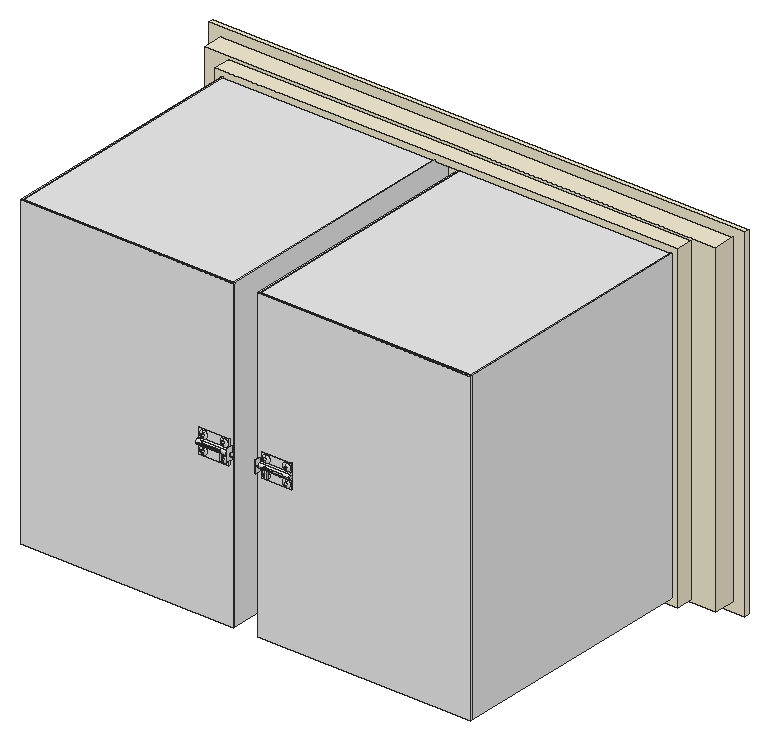
Revit family "4C-5_Door_High_Units_RL.rfa", category Specialty Equipment, host Wall, Revit 2016
Family settings
  Host = Wall
  Part Type = Normal
  Round Connector Dimension = Use Diameter
  Always vertical = Yes
  Cut with Voids When Loaded = No
  Shared = No
  Room Calculation Point = No
Parameters (values of type "3705D-08 RL")
  Width = 31.09766"
  Visible Door Number [instance] = yes
  Vertical Center Divider = yes
  Version = "2.0 (08/09/16)"
  Type Comments = "4C Standard Horizontal Mailbox - Rear Loading"
  Top Back Plate = no
  Right Inside Wall = yes
  Model = "3705D-08 RL"
  MasterFormat Title = "Postal Specialties"
  MasterFormat Number = "10 55 00"
  Manufacturer = "Salsbury Industries"
  Lock Material = Stainless Steel -Salsbury Finish =  Polished
  Left Inside Wall = yes
  Latch Locks - Right Side = yes
  Latch Locks - Left Side = yes
  Latch Alignment = 14.85742"
  Keynote = ""
  Height = 19.970"
  Front Panel Material [instance] = Aluminum - Salsbury Finish = Sandstone
  Door Slot R5 Number [instance] = "8"
  Door Slot R5 = 3700 Series 4C Door Configurations : MB1 Door w/ Divider
  Door Slot R4 Number [instance] = "7"
  Door Slot R4 = 3700 Series 4C Door Configurations : MB1 Door w/ Divider
  Door Slot R3 Number [instance] = "0"
  Door Slot R3 = 3700 Series 4C OM2 Configuration : OM2-RL
  Door Slot R2 Number [instance] = "0"
  Door Slot R2 = 3700 Series 4C Door Configurations : Empty
  Door Slot R1 Number [instance] = "6"
  Door Slot R1 = 3700 Series 4C Door Configurations : MB1 Door
  Door Slot L5 Number [instance] = "5"
  Door Slot L5 = 3700 Series 4C Door Configurations : MB1 Door w/ Divider
  Door Slot L4 Number [instance] = "4"
  Door Slot L4 = 3700 Series 4C Door Configurations : MB1 Door w/ Divider
  Door Slot L3 Number [instance] = "3"
  Door Slot L3 = 3700 Series 4C Door Configurations : MB1 Door w/ Divider
  Door Slot L2 Number [instance] = "2"
  Door Slot L2 = 3700 Series 4C Door Configurations : MB1 Door w/ Divider
  Door Slot L1 Number [instance] = "1"
  Door Slot L1 = 3700 Series 4C Door Configurations : MB1 Door
  Description = "5 Door High Unit: 8 MB1, OM2"
  Depth = 17.025"
  Center Extrusion Offset [instance] = 0.000"
  Bottom Back Plate = no
  Back Enclosure Material = Aluminum - Salsbury Finish = Anodized
  Assembly Code = "C1030910"
  Above Finished Floor (AFF-Bottom of Unit) [instance] = 26.683"
  Above Finished Floor (AFF-Bottom of Door) [instance] = 28.000"
Reference planes (in)
  plane 1 "Wall Centerline": y = 0
  plane 2 "Center (Left/Right)": x = 0
  plane 3 "Front": y = 3
  plane 4 "15" AFF": z = 28
  plane 5 "28" AFF": z = 28
  plane 6 "36" AFF": z = 36
  plane 7 "48" AFF": z = 48
  plane 8 "Bottom of Unit": z = 26.683
  plane 9 "Top of Unit": z = 46.653
  plane 10 "Left Side of Unit": x = 15.54883
  plane 11 "Right Side of Unit": x = -15.54883
  plane 12 "28" AFF_Bottom of Unit": z = 26.683
  plane 13 "Top Horiz Trim Align": z = 45.82225
  plane 14 "Bottom Horiz Trim Align": z = 27.515
  plane 15 "Left Trim Align": x = 14.716
  plane 16 "Right Trim Align": x = -14.716
  plane 17 "Left Door Align": x = 14.06641
  plane 18 "Right Door Align": x = -14.06641
  plane 19 "Top Horiz Door Align": z = 45.23125
  plane 20 "Bottom Horiz Door Align": z = 28
  plane 21 "Front Face of Unit": y = 3.265
  plane 22 "Top Housing Align": z = 46.149
  plane 23 "Top Collar Align": z = 46.001
  plane 24 "Top Box Align": z = 45.646
  plane 25 "Vertical Housing Align": y = 1.795
  plane 26 "Vertical Collar Align": y = 0.795
  plane 27 "Back of Unit": y = -13.76
  plane 28 "Bottom Housing Align": z = 27.187
  plane 29 "Bottom Collar Align": z = 27.335
  plane 30 "Bottom Box Align": z = 27.75
  plane 31 "Door Alignment": y = 2.66809
  plane 32 "Right Housing Align": x = -14.84183
  plane 33 "Right Collar Align": x = -13.40883
  plane 34 "Right Box Side Align": x = -13.08083
  plane 35 "Left Housing Align": x = 14.84183
  plane 36 "Left Collar Align": x = 13.40883
  plane 37 "Left Side Box Align": x = 13.08083
  plane 38 "Top Back Plate Align": z = 44.867
  plane 39 "Back": y = -3
  plane 40 "RO Left Side": x = 15.17383
  plane 41 "RO Right Side": x = -15.17383
  plane 42 "RO Bottom": z = 27.058
  plane 43 "RO Top": z = 46.278
  plane 44 "Horiz Centerline": z = 42.04237
  plane 45: x = 12.99983
  plane 46: x = 12.92758
  plane 47 "Center Extrusion": x = 0
  plane 48 "Center Extrusion Offset": x = 0
  plane 49 "Row 2 Top Align": z = 42
  plane 50 "Row 5 Top Align": z = 31.5
  plane 51 "Row 4 Top Align": z = 35
  plane 52 "Row 3 Top Align": z = 38.5
  plane 53 "Top of base shelf": z = 28.41625
  plane 54 "base shelf void": z = 28.23439
  plane 55: z = 29.999
  plane 56: z = 28.499
  plane 57 "bottom of base shelf": z = 27.88469
  plane 58 "Right Latch Align": x = -0.69141
  plane 59 "Left Latch Align": x = 0.69141
  plane 60 "Center Latch Align": z = 36.8
Forms (in)
  Extrusion 1, void
    sketch origin (0, 3, 0) x (1, 0, 0) y (0, 0, 1)
      loop
        line (15.17383, 46.278) -> (-15.17383, 46.278) -> (-15.17383, 27.058) -> (15.17383, 27.058) -> (15.17383, 46.278)
    from 0 to 15.27914
  Extrusion 2, solid, material "Aluminum - Salsbury Finish = Sandstone" <- "Front Panel Material"
    sketch origin (0, 3, 0) x (1, 0, 0) y (0, 0, 1)
      loop
        line (15.54883, 46.653) -> (-15.54883, 46.653) -> (-15.54883, 26.683) -> (15.54883, 26.683) -> (15.54883, 46.653)
    from -0.265 to 0
  Extrusion 3, void
    sketch origin (0, 3.265, 0.00774) x (0, 0, -1) y (-1, 0, 0)
      loop
        line (-45.81451, -14.716) -> (-27.50726, -14.716) -> (-27.50726, 14.716) -> (-45.81451, 14.716) -> (-45.81451, -14.716)
    from -0.265 to 0
  Extrusion 4, solid, material "Aluminum - Salsbury Finish = Sandstone" <- "Front Panel Material"
    sketch origin (14.98214, 3.265, -1.67978) x (0, 0, -1) y (-1, 0, 0)
      loop
        line (-47.50203, 29.69814) -> (-47.50203, 29.04855) -> (-29.19478, 29.04855) -> (-29.19478, 29.69814) -> (-47.50203, 29.69814)
    from 0 to -0.265
  Extrusion 5, solid, material "Aluminum - Salsbury Finish = Sandstone" <- "Front Panel Material"
    sketch origin (0, 3.265, 84.08475) x (0, 0, 1) y (1, 0, 0)
      loop
        line (-56.56975, 14.06641) -> (-56.56975, -14.06641) -> (-56.08475, -14.06641) -> (-56.08475, 14.06641) -> (-56.56975, 14.06641)
    from -0.265 to 0
  Extrusion 6, solid, material "Aluminum - Salsbury Finish = Sandstone" <- "Front Panel Material"
    sketch origin (0, 3, 84.08475) x (1, 0, 0) y (0, 0, 1)
      loop
        line (-14.84183, -56.89775) -> (14.84183, -56.89775) -> (14.84183, -37.93575) -> (-14.84183, -37.93575) -> (-14.84183, -56.89775)
    from 0 to 1.205
  Extrusion 7, solid, material "Aluminum - Salsbury Finish = Sandstone" <- "Front Panel Material"
    sketch origin (0, 1.795, 0) x (0, 0, 1) y (-1, 0, 0)
      loop
        line (27.335, 13.40883) -> (27.335, -13.40883) -> (46.001, -13.40883) -> (46.001, 13.40883) -> (27.335, 13.40883)
    from 0 to 1
  Extrusion 8, void
    sketch origin (0, 1.795, 0) x (0, 0, 1) y (-1, 0, 0)
      loop
        line (45.646, 13.08083) -> (27.75, 13.08083) -> (27.75, -13.08083) -> (45.646, -13.08083) -> (45.646, 13.08083)
    from 0 to 1
  Extrusion 9, solid, material "Aluminum - Salsbury Finish = Sandstone" <- "Front Panel Material"
    sketch origin (0, 3.265, 0) x (0, 0, -1) y (-1, 0, 0)
      loop
        line (-45.82225, -14.716) -> (-27.515, -14.716) -> (-27.515, -14.06641) -> (-45.82225, -14.06641) -> (-45.82225, -14.716)
    from 0 to -0.265
  Extrusion 10, solid, material "Aluminum - Salsbury Finish = Sandstone" <- "Front Panel Material"
    sketch origin (0, 3.265, 0) x (0, 0, -1) y (-1, 0, 0)
      loop
        line (-45.82225, -14.06641) -> (-45.23125, -14.06641) -> (-45.23125, 14.06641) -> (-45.82225, 14.06641) -> (-45.82225, -14.06641)
    from -0.265 to 0
  Extrusion 11, void
    sketch origin (0, 1.795, 0) x (0, 0, 1) y (-1, 0, 0)
      loop
        line (46.001, -13.40883) -> (46.001, 13.40883) -> (27.335, 13.40883) -> (27.335, -13.40883) -> (46.001, -13.40883)
    from -1.124 to 0
  Extrusion 12, void
    sketch origin (0, 3, 0) x (1, 0, 0) y (0, 0, 1)
      loop
        line (14.06641, 46.001) -> (-14.06641, 46.001) -> (-14.06641, 27.335) -> (14.06641, 27.335) -> (14.06641, 46.001)
    from 0 to 0.33191
  Extrusion 13, solid, material "Aluminum - Salsbury Finish = Anodized" <- "Back Enclosure Material"
    sketch origin (-0.54283, 1.795, 0) x (0, 0, 1) y (-1, 0, 0)
      loop
        line (45.646, 12.538) -> (27.75, 12.538) -> (27.75, 12.457) -> (45.646, 12.457) -> (45.646, 12.538)
    from 0 to 15.47297
  Extrusion 14, solid, material "Aluminum - Salsbury Finish = Anodized" <- "Back Enclosure Material", visible <- "Right Inside Wall"
    sketch origin (11.7675, 1.795, 0) x (0, 0, 1) y (-1, 0, 0)
      loop
        line (45.646, 12.538) -> (27.75, 12.538) -> (27.75, 12.457) -> (45.646, 12.457) -> (45.646, 12.538)
    from 0 to 15.47297
  Extrusion 15, solid, material "Aluminum - Salsbury Finish = Anodized" <- "Back Enclosure Material"
    sketch origin (0.54283, 1.795, 0) x (0, 0, 1) y (-1, 0, 0)
      loop
        line (45.646, -12.538) -> (45.646, -12.457) -> (27.75, -12.457) -> (27.75, -12.538) -> (45.646, -12.538)
    from 0 to 15.47297
  Extrusion 16, solid, material "Aluminum - Salsbury Finish = Anodized" <- "Back Enclosure Material", visible <- "Left Inside Wall"
    sketch origin (-11.7675, 1.795, 0) x (0, 0, 1) y (-1, 0, 0)
      loop
        line (45.646, -12.538) -> (45.646, -12.457) -> (27.75, -12.457) -> (27.75, -12.538) -> (45.646, -12.538)
    from 0 to 15.47297
  Extrusion 17, solid, material "Aluminum - Salsbury Finish = Anodized" <- "Back Enclosure Material"
    sketch origin (0, -13.76, 0) x (0, 0, 1) y (-1, 0, 0)
      loop
        line (45.646, 13.08083) -> (27.75, 13.08083) -> (27.75, -13.08083) -> (45.646, -13.08083) -> (45.646, 13.08083)
    from -0.08203 to 0
  Extrusion 18, solid, material "Aluminum - Salsbury Finish = Anodized" <- "Back Enclosure Material"
    sketch origin (0, 0, 45.646) x (0, 1, 0) y (-1, 0, 0)
      loop
        line (1.795, 12.99983) -> (-13.67797, 12.99983) -> (-13.67797, -12.99983) -> (1.795, -12.99983) -> (1.795, 12.99983)
    from -0.35871 to 0
  Extrusion 19, void
    sketch origin (0, 0, 45.646) x (0, 1, 0) y (-1, 0, 0)
      loop
        line (1.7325, 12.93342) -> (-13.61547, 12.93342) -> (-13.61547, -12.92758) -> (1.7325, -12.92758) -> (1.7325, 12.93342)
    from -0.0723 to -0.6459
  Extrusion 20, solid, material "Aluminum - Salsbury Finish = Anodized" <- "Back Enclosure Material"
    sketch origin (0, 0, 27.88469) x (-1, 0, 0) y (0, -1, 0)
      loop
        line (12.99983, -1.795) -> (12.99983, 13.67797) -> (-12.99983, 13.67797) -> (-12.99983, -1.795) -> (12.99983, -1.795)
    from 0.53156 to 0
  Extrusion 21, void
    sketch origin (0, 0, 27.88469) x (-1, 0, 0) y (0, -1, 0)
      loop
        line (12.93342, -1.7325) -> (12.93342, 13.61547) -> (-12.92758, 13.61547) -> (-12.92758, -1.7325) -> (12.93342, -1.7325)
    from 0.3497 to 0
  Extrusion 22, solid, material "Aluminum - Salsbury Finish = Anodized" <- "Back Enclosure Material", visible <- "Top Back Plate"
    sketch origin (0, -13.76, 0) x (0, 0, 1) y (-1, 0, 0)
      loop
        line (44.867, 2) -> (43.367, 2) -> (43.367, -2) -> (44.867, -2) -> (44.867, 2)
    from 0 to 0.08203
  Extrusion 23, solid, material "Aluminum - Salsbury Finish = Anodized" <- "Back Enclosure Material", visible <- "Bottom Back Plate"
    sketch origin (0, -13.76, 84.11475) x (0, 0, -1) y (1, 0, 0)
      loop
        line (55.61575, -2) -> (55.61575, 2) -> (54.11575, 2) -> (54.11575, -2) -> (55.61575, -2)
    from 0 to 0.08203
  Extrusion 24, void
    sketch origin (0, 0, 0) x (0, 0, 1) y (0, 1, 0)
      loop
        line (45.646, 1.795) -> (45.82225, 1.795) -> (45.82225, 3.265) -> (27.515, 3.265) -> (27.515, 1.795) -> (27.75, 1.795) -> (27.75, -13.76) -> (45.646, -13.76) -> (45.646, 1.795)
    from -0.69141 to 0.69141
  Extrusion 25, solid, material "Aluminum - Salsbury Finish = Sandstone" <- "Front Panel Material", visible <- "Vertical Center Divider"
    sketch origin (-0.77934, 3.265, 0) x (0, 0, -1) y (-1, 0, 0)
      loop
        line (-45.82225, -1.47075) -> (-27.515, -1.47075) -> (-27.515, -0.08794) -> (-45.82225, -0.08794) -> (-45.82225, -1.47075)
    from 0 to -1.47
Cuts and joins
  Extrusion 3, Extrusion 11, Extrusion 24 cuts Extrusion 2
  Extrusion 8, Extrusion 11, Extrusion 12, Extrusion 24 cuts Extrusion 5
  Extrusion 8, Extrusion 12, Extrusion 19, Extrusion 24 cuts Extrusion 7
  Extrusion 11, Extrusion 12, Extrusion 24 cuts Extrusion 10
  Extrusion 11, Extrusion 12 cuts Extrusion 6
  Extrusion 12 cuts Extrusion 4
  Extrusion 12 cuts Extrusion 9
  Extrusion 19, Extrusion 21, Extrusion 24 cuts Extrusion 18
  Extrusion 21, Extrusion 24 cuts Extrusion 20
  Extrusion 24 cuts Extrusion 17
  Extrusion 24 cuts Extrusion 22
  Extrusion 24 cuts Extrusion 23
Lines and regions (in)
  model lines
    curve 1: line (15.54883, 3.265, 46.653) -> (14.716, 3.265, 45.82017)
    curve 2: line (-15.54883, 3.265, 46.653) -> (-14.716, 3.265, 45.82017)
    curve 3: line (-15.54883, 3.265, 26.683) -> (-14.716, 3.265, 27.51583)
    curve 4: line (15.54883, 3.265, 26.683) -> (14.716, 3.265, 27.51583)
  reference lines
    curve 5: line (-14.06641, 2.66809, 25.683) -> (-14.06641, 2.66809, 50.93425)
    curve 6: line (14.06641, 2.66809, 26.183) -> (14.06641, 2.66809, 50.93425)
Text (in)
  text "Placement Side" at (0, 40.15149, 123.01588), in view "Right"
  text "Placement Side" at (-58.6842, 42.74981, 0), in view "Ref. Level"
  text "Placement Side" at (0, 47.49176, 140.59947), in view "Left"
Dimensions and locks (in)
  locked: plane 3 "Front" to host wall
  "Above Finished Floor (AFF-Bottom of Door)": level to plane 4 "15" AFF"
  locked: level to plane 5 "28" AFF" at 28
  locked: level to plane 6 "36" AFF" at 36
  locked: level to plane 7 "48" AFF" at 48
  equal spacing: plane 11 "Right Side of Unit", plane 2 "Center (Left/Right)", plane 10 "Left Side of Unit"
  plane 8 "Bottom of Unit" to plane 4 "15" AFF" = 1.317"
  "Width": plane 11 "Right Side of Unit" to plane 10 "Left Side of Unit"
  "Height": plane 8 "Bottom of Unit" to plane 9 "Top of Unit"
  plane 12 "28" AFF_Bottom of Unit" to plane 5 "28" AFF" = 1.317"
  locked: plane 15 "Left Trim Align" to plane 10 "Left Side of Unit" at 0.83283
  locked: plane 16 "Right Trim Align" to plane 11 "Right Side of Unit" at 0.83283
  locked: plane 13 "Top Horiz Trim Align" to plane 9 "Top of Unit" at 0.83075
  locked: plane 8 "Bottom of Unit" to plane 14 "Bottom Horiz Trim Align" at 0.832
  plane 17 "Left Door Align" to plane 15 "Left Trim Align" = 0.64959"
  plane 18 "Right Door Align" to plane 16 "Right Trim Align" = 0.64959"
  locked: plane 19 "Top Horiz Door Align" to plane 13 "Top Horiz Trim Align" at 0.591
  locked: plane 14 "Bottom Horiz Trim Align" to plane 20 "Bottom Horiz Door Align" at 0.485
  plane 20 "Bottom Horiz Door Align" to level = 28.000"
  plane 5 "28" AFF" to level = 28.000"
  plane 6 "36" AFF" to level = 36.000"
  plane 7 "48" AFF" to level = 48.000"
  plane 9 "Top of Unit" to plane 8 "Bottom of Unit" = 19.970"
  plane 21 "Front Face of Unit" to host wall = 0.265"
  locked: host wall to plane 25 "Vertical Housing Align" at 1.205
  locked: plane 25 "Vertical Housing Align" to plane 26 "Vertical Collar Align" at 1
  plane 25 "Vertical Housing Align" to plane 27 "Back of Unit" = 15.555"
  "Depth": plane 21 "Front Face of Unit" to plane 27 "Back of Unit"
  locked: plane 9 "Top of Unit" to plane 22 "Top Housing Align" at 0.504
  locked: plane 22 "Top Housing Align" to plane 23 "Top Collar Align" at 0.148
  locked: plane 23 "Top Collar Align" to plane 24 "Top Box Align" at 0.355
  locked: plane 28 "Bottom Housing Align" to plane 8 "Bottom of Unit" at 0.504
  locked: plane 29 "Bottom Collar Align" to plane 28 "Bottom Housing Align" at 0.148
  locked: plane 30 "Bottom Box Align" to plane 29 "Bottom Collar Align" at 0.415
  plane 24 "Top Box Align" to plane 30 "Bottom Box Align" = 17.896"  (x2)
  locked: plane 21 "Front Face of Unit" to plane 31 "Door Alignment" at 0.59691
  plane 11 "Right Side of Unit" to plane 32 "Right Housing Align" to plane 33 "Right Collar Align" to plane 34 "Right Box Side Align" = 0.707" locked, 1.433" locked, 0.328" locked
  plane 37 "Left Side Box Align" to plane 36 "Left Collar Align" to plane 35 "Left Housing Align" to plane 10 "Left Side of Unit" = 0.328" locked, 1.433" locked, 0.707" locked
  plane 11 "Right Side of Unit" to plane 32 "Right Housing Align" to plane 33 "Right Collar Align" to plane 34 "Right Box Side Align" = 0.707", 1.433", 0.328"
  plane 37 "Left Side Box Align" to plane 36 "Left Collar Align" to plane 35 "Left Housing Align" to plane 10 "Left Side of Unit" = 0.328", 1.433", 0.707"
  plane 9 "Top of Unit" to plane 24 "Top Box Align" = 1.007"
  plane 30 "Bottom Box Align" to plane 8 "Bottom of Unit" = 1.067"
  locked: plane 24 "Top Box Align" to plane 38 "Top Back Plate Align" at 0.779
  locked: plane 40 "RO Left Side" to plane 10 "Left Side of Unit" at 0.375
  locked: plane 41 "RO Right Side" to plane 11 "Right Side of Unit" at 0.375
  locked: plane 8 "Bottom of Unit" to plane 42 "RO Bottom" at 0.375
  locked: plane 43 "RO Top" to plane 9 "Top of Unit" at 0.375
  Extrusion 13 to Extrusion 13 = 0.081"
  Extrusion 15 to Extrusion 15 = 0.081"
  plane 45 to plane 37 "Left Side Box Align" = 0.081"
  plane 46 to plane 45 = 0.07225"
  plane 18 "Right Door Align" to plane 17 "Left Door Align" = 28.13281"
  "Center Extrusion Offset": plane 47 "Center Extrusion" to plane 48 "Center Extrusion Offset"
  plane 20 "Bottom Horiz Door Align" to plane 50 "Row 5 Top Align" to plane 51 "Row 4 Top Align" to plane 52 "Row 3 Top Align" to plane 49 "Row 2 Top Align" = 3.500" locked, 3.500" locked, 3.500" locked, 3.500" locked
  plane 53 "Top of base shelf" to plane 54 "base shelf void" to plane 57 "bottom of base shelf" to plane 30 "Bottom Box Align" = 0.18186" locked, 0.3497" locked, 0.13469" locked
  plane 55 to plane 56 to plane 8 "Bottom of Unit" = 1.500" locked, 1.816" locked
  "Above Finished Floor (AFF-Bottom of Unit)": level to plane 8 "Bottom of Unit"
  locked: plane 58 "Right Latch Align" to plane 59 "Left Latch Align" at 1.38281
  plane 60 "Center Latch Align" to plane 30 "Bottom Box Align" = 9.050"
  "Latch Alignment": plane 11 "Right Side of Unit" to plane 58 "Right Latch Align"
  aligned and locked: plane 8 "Bottom of Unit" to Extrusion 2 sketch curve
  aligned and locked: plane 10 "Left Side of Unit" to Extrusion 2 sketch curve
  aligned and locked: Extrusion 2 sketch curve to plane 11 "Right Side of Unit"
  aligned and locked: Extrusion 2 sketch curve to plane 9 "Top of Unit"
  aligned and locked: plane 21 "Front Face of Unit" to Extrusion 2
  aligned and locked: Extrusion 4 to plane 16 "Right Trim Align"
  aligned and locked: plane 18 "Right Door Align" to Extrusion 4
  aligned and locked: plane 13 "Top Horiz Trim Align" to Extrusion 4
  aligned and locked: Extrusion 5 to plane 14 "Bottom Horiz Trim Align"
  aligned and locked: Extrusion 5 to plane 17 "Left Door Align"
  aligned and locked: plane 20 "Bottom Horiz Door Align" to Extrusion 5
  aligned and locked: Extrusion 5 to plane 18 "Right Door Align"
  aligned and locked: plane 34 "Right Box Side Align" to Extrusion 17 sketch curve
  aligned and locked: Extrusion 17 sketch curve to plane 24 "Top Box Align"
  aligned and locked: Extrusion 17 sketch curve to plane 37 "Left Side Box Align"
  aligned and locked: plane 30 "Bottom Box Align" to Extrusion 17 sketch curve
  aligned and locked: plane 25 "Vertical Housing Align" to Extrusion 18 sketch curve
  aligned and locked: Extrusion 18 sketch curve to plane 45
  aligned and locked: plane 46 to Extrusion 19
  aligned and locked: plane 45 to cut or joined group of Extrusion 18, Extrusion 19, Extrusion 21, Extrusion 24
  aligned and locked: plane 25 "Vertical Housing Align" to Extrusion 20 sketch curve
  aligned and locked: Extrusion 20 sketch curve to plane 45
  aligned and locked: plane 46 to cut or joined group of Extrusion 20, Extrusion 21, Extrusion 24
  aligned and locked: plane 17 "Left Door Align" to cut or joined group of Extrusion 9, Extrusion 12
  aligned and locked: plane 25 "Vertical Housing Align" to Extrusion 25
  aligned and locked: plane 21 "Front Face of Unit" to Extrusion 25
  aligned and locked: nested 6 to plane 17 "Left Door Align"
  aligned and locked: plane 31 "Door Alignment" to nested 6  (x2)
  aligned and locked: nested 7 to plane 17 "Left Door Align"
  aligned and locked: plane 31 "Door Alignment" to nested 7  (x2)
  aligned and locked: nested 5 to curve 5
  aligned and locked: nested 3 to curve 5
  aligned and locked: nested 10 to curve 6
  aligned and locked: nested 9 to curve 6
  aligned and locked: nested 8 to curve 6
  aligned and locked: nested 7 to curve 6
  aligned and locked: nested 6 to curve 6
  aligned and locked: plane 31 "Door Alignment" to nested 5
  aligned and locked: plane 31 "Door Alignment" to nested 3
  aligned and locked: plane 31 "Door Alignment" to nested 8
  aligned and locked: plane 31 "Door Alignment" to nested 10
  aligned and locked: plane 31 "Door Alignment" to nested 2
  aligned and locked: plane 31 "Door Alignment" to nested 4
  aligned and locked: nested 1 to curve 5
  aligned and locked: nested 2 to curve 5
  aligned and locked: nested 4 to curve 5
  aligned and locked: plane 31 "Door Alignment" to nested 1
  aligned and locked: cut or joined group of Extrusion 23, Extrusion 24 to plane 56
  aligned and locked: plane 53 "Top of base shelf" to cut or joined group of Extrusion 20, Extrusion 21, Extrusion 24
  aligned and locked: cut or joined group of Extrusion 20, Extrusion 21, Extrusion 24 to plane 57 "bottom of base shelf"
  aligned and locked: plane 20 "Bottom Horiz Door Align" to nested 5
  aligned and locked: plane 20 "Bottom Horiz Door Align" to nested 10
  aligned and locked: plane 50 "Row 5 Top Align" to nested 4
  aligned and locked: plane 50 "Row 5 Top Align" to nested 9
  aligned and locked: plane 51 "Row 4 Top Align" to nested 3
  aligned and locked: plane 51 "Row 4 Top Align" to nested 8
  aligned and locked: plane 52 "Row 3 Top Align" to nested 2
  aligned and locked: plane 52 "Row 3 Top Align" to nested 7
  aligned and locked: plane 49 "Row 2 Top Align" to nested 1
  aligned and locked: plane 49 "Row 2 Top Align" to nested 6
  aligned and locked: plane 31 "Door Alignment" to nested 9
  aligned and locked: nested 12 to plane 27 "Back of Unit"
  aligned and locked: nested 11 to plane 27 "Back of Unit"
  aligned and locked: plane 60 "Center Latch Align" to nested 12
  aligned and locked: plane 60 "Center Latch Align" to nested 11
  aligned and locked: plane 59 "Left Latch Align" to nested 12
  aligned and locked: plane 58 "Right Latch Align" to nested 11
Automatic sketch dimensions
  Extrusion 1 sketch curve to plane 41 "RO Right Side" = 0.000"
  plane 40 "RO Left Side" to Extrusion 1 sketch curve = 0.000"
  Extrusion 1 sketch curve to plane 42 "RO Bottom" = 0.000"
  Extrusion 1 sketch curve to plane 43 "RO Top" = 0.000"
  Extrusion 6 sketch curve to plane 22 "Top Housing Align" = 0.000"
  Extrusion 6 sketch curve to plane 32 "Right Housing Align" = 0.000"
  Extrusion 6 sketch curve to plane 35 "Left Housing Align" = 0.000"
  Extrusion 6 sketch curve to plane 28 "Bottom Housing Align" = 0.000"
  Extrusion 7 sketch curve to plane 29 "Bottom Collar Align" = 0.000"
  Extrusion 7 sketch curve to plane 23 "Top Collar Align" = 0.000"
  plane 36 "Left Collar Align" to Extrusion 7 sketch curve = 0.000"
  Extrusion 7 sketch curve to plane 33 "Right Collar Align" = 0.000"
  Extrusion 8 sketch curve to plane 30 "Bottom Box Align" = 0.000"
  Extrusion 8 sketch curve to plane 24 "Top Box Align" = 0.000"
  Extrusion 8 sketch curve to plane 37 "Left Side Box Align" = 0.000"
  plane 34 "Right Box Side Align" to Extrusion 8 sketch curve = 0.000"
  Extrusion 11 sketch curve to plane 29 "Bottom Collar Align" = 0.000"
  Extrusion 11 sketch curve to plane 23 "Top Collar Align" = 0.000"
  plane 36 "Left Collar Align" to Extrusion 11 sketch curve = 0.000"
  plane 33 "Right Collar Align" to Extrusion 11 sketch curve = 0.000"
  Extrusion 13 sketch curve to plane 30 "Bottom Box Align" = 0.000"
  Extrusion 13 sketch curve to plane 24 "Top Box Align" = 0.000"
  plane 34 "Right Box Side Align" to Extrusion 13 sketch curve = 0.000"
  Extrusion 13 sketch curve to Extrusion 13 sketch curve = 0.081"
  Extrusion 15 sketch curve to plane 30 "Bottom Box Align" = 0.000"
  Extrusion 15 sketch curve to plane 24 "Top Box Align" = 0.000"
  plane 37 "Left Side Box Align" to Extrusion 15 sketch curve = 0.000"
  plane 37 "Left Side Box Align" to Extrusion 15 sketch curve = 0.081"
  Extrusion 18 sketch curve to plane 27 "Back of Unit" = 0.08203"
  plane 34 "Right Box Side Align" to Extrusion 18 sketch curve = 0.081"
  curve 2 to plane 9 "Top of Unit" = 0.000"
  curve 1 to plane 9 "Top of Unit" = 0.000"
  curve 2 to plane 16 "Right Trim Align" = 0.000"
  plane 15 "Left Trim Align" to curve 1 = 0.000"
  curve 3 to plane 16 "Right Trim Align" = 0.000"
  plane 15 "Left Trim Align" to curve 4 = 0.000"
  curve 4 to plane 8 "Bottom of Unit" = 0.000"
  curve 3 to plane 8 "Bottom of Unit" = 0.000"
  plane 10 "Left Side of Unit" to curve 4 = 0.000"
  plane 10 "Left Side of Unit" to curve 1 = 0.000"
  plane 11 "Right Side of Unit" to curve 3 = 0.000"
  plane 11 "Right Side of Unit" to curve 2 = 0.000"
  curve 2 to plane 13 "Top Horiz Trim Align" = 0.00208"
  curve 1 to plane 13 "Top Horiz Trim Align" = 0.00208"
  plane 14 "Bottom Horiz Trim Align" to curve 3 = 0.00083"
  plane 14 "Bottom Horiz Trim Align" to curve 4 = 0.00083"
  Extrusion 3 sketch curve to plane 13 "Top Horiz Trim Align" = 0.000"
  Extrusion 3 sketch curve to plane 14 "Bottom Horiz Trim Align" = 0.000"
  plane 15 "Left Trim Align" to Extrusion 3 sketch curve = 0.000"
  Extrusion 3 sketch curve to plane 16 "Right Trim Align" = 0.000"
  plane 13 "Top Horiz Trim Align" to Extrusion 4 sketch curve = 0.000"
  plane 14 "Bottom Horiz Trim Align" to Extrusion 4 sketch curve = 0.000"
  Extrusion 4 sketch curve to plane 16 "Right Trim Align" = 0.000"
  Extrusion 4 sketch curve to plane 18 "Right Door Align" = 0.000"
  Extrusion 5 sketch curve to plane 14 "Bottom Horiz Trim Align" = 0.000"
  Extrusion 5 sketch curve to plane 4 "15" AFF" = 0.000"
  plane 17 "Left Door Align" to Extrusion 5 sketch curve = 0.000"
  Extrusion 5 sketch curve to plane 18 "Right Door Align" = 0.000"
  Extrusion 9 sketch curve to plane 13 "Top Horiz Trim Align" = 0.000"
  Extrusion 9 sketch curve to plane 14 "Bottom Horiz Trim Align" = 0.000"
  plane 15 "Left Trim Align" to Extrusion 9 sketch curve = 0.000"
  plane 17 "Left Door Align" to Extrusion 9 sketch curve = 0.000"
  Extrusion 10 sketch curve to plane 13 "Top Horiz Trim Align" = 0.000"
  plane 17 "Left Door Align" to Extrusion 10 sketch curve = 0.000"
  Extrusion 10 sketch curve to plane 18 "Right Door Align" = 0.000"
  Extrusion 10 sketch curve to plane 19 "Top Horiz Door Align" = 0.000"
  Extrusion 12 sketch curve to plane 18 "Right Door Align" = 0.000"
  plane 17 "Left Door Align" to Extrusion 12 sketch curve = 0.000"
  Extrusion 12 sketch curve to plane 29 "Bottom Collar Align" = 0.000"
  Extrusion 12 sketch curve to plane 23 "Top Collar Align" = 0.000"
  Extrusion 14 sketch curve to plane 30 "Bottom Box Align" = 0.000"
  Extrusion 14 sketch curve to plane 24 "Top Box Align" = 0.000"
  Extrusion 14 sketch curve to plane 2 "Center (Left/Right)" = 0.6895"
  Extrusion 14 sketch curve to Extrusion 14 sketch curve = 0.081"
  Extrusion 16 sketch curve to plane 30 "Bottom Box Align" = 0.000"
  Extrusion 16 sketch curve to plane 24 "Top Box Align" = 0.000"
  Extrusion 16 sketch curve to plane 2 "Center (Left/Right)" = 0.6895"
  Extrusion 16 sketch curve to Extrusion 16 sketch curve = 0.081"
  Extrusion 19 sketch curve to plane 46 = 0.000"
  Extrusion 19 sketch curve to plane 27 "Back of Unit" = 0.14453"
  plane 25 "Vertical Housing Align" to Extrusion 19 sketch curve = 0.0625"
  plane 34 "Right Box Side Align" to Extrusion 19 sketch curve = 0.14741"
  Extrusion 22 sketch curve to plane 38 "Top Back Plate Align" = 0.000"
  plane 38 "Top Back Plate Align" to Extrusion 22 sketch curve = 1.500"
  plane 2 "Center (Left/Right)" to Extrusion 22 sketch curve = 2.000"
  Extrusion 22 sketch curve to plane 2 "Center (Left/Right)" = 2.000"
  Extrusion 23 sketch curve to plane 2 "Center (Left/Right)" = 2.000"
  plane 2 "Center (Left/Right)" to Extrusion 23 sketch curve = 2.000"
  Extrusion 24 sketch curve to plane 14 "Bottom Horiz Trim Align" = 0.000"
  Extrusion 24 sketch curve to plane 25 "Vertical Housing Align" = 0.000"  (x2)
  Extrusion 24 sketch curve to plane 30 "Bottom Box Align" = 0.000"
  Extrusion 24 sketch curve to plane 24 "Top Box Align" = 0.000"
  Extrusion 24 sketch curve to plane 13 "Top Horiz Trim Align" = 0.000"
  Extrusion 24 sketch curve to plane 27 "Back of Unit" = 0.000"
  Extrusion 24 sketch curve to plane 21 "Front Face of Unit" = 0.000"
  Extrusion 25 sketch curve to plane 13 "Top Horiz Trim Align" = 0.000"
  Extrusion 25 sketch curve to plane 14 "Bottom Horiz Trim Align" = 0.000"
  plane 2 "Center (Left/Right)" to Extrusion 25 sketch curve = 0.69141"
  Extrusion 25 sketch curve to plane 2 "Center (Left/Right)" = 0.69141"
  curve 5 to plane 18 "Right Door Align" = 0.000"
  plane 17 "Left Door Align" to curve 6 = 0.000"
  curve 5 to plane 8 "Bottom of Unit" = 1.000"
  curve 6 to plane 8 "Bottom of Unit" = 0.500"
  plane 9 "Top of Unit" to curve 6 = 4.28125"
  plane 9 "Top of Unit" to curve 5 = 4.28125"
  Extrusion 23 sketch curve to plane 4 "15" AFF" = 0.499"
  Extrusion 23 sketch curve to Extrusion 23 sketch curve = 1.500"
  plane 34 "Right Box Side Align" to Extrusion 20 sketch curve = 0.081"
  Extrusion 20 sketch curve to plane 27 "Back of Unit" = 0.08203"
  Extrusion 21 sketch curve to plane 46 = 0.000"
  plane 34 "Right Box Side Align" to Extrusion 21 sketch curve = 0.14741"
  plane 25 "Vertical Housing Align" to Extrusion 21 sketch curve = 0.0625"
  Extrusion 21 sketch curve to plane 27 "Back of Unit" = 0.14453"
Nested families (in)
  nested 1: "3700 Series 4C Door Configurations" at (-7.37891, 2.79505, 42) x (-1, 0, 0) z (0, 0, 1), type <- "Door Slot R1", Door Number <- "Door Slot R1 Number", type "MB1 Door"
    with Door Number "6"
  nested 2: "3700 Series 4C Door Configurations" at (-7.37891, 2.79505, 38.5) x (-1, 0, 0) z (0, 0, 1), type <- "Door Slot R2", Door Number <- "Door Slot R2 Number", type "Empty"
    with Door Number "0"
  nested 3: "3700 Series 4C OM2 Configuration" at (-7.37891, 2.79505, 35) x (-1, 0, 0) z (0, 0, 1), type <- "Door Slot R3", Door Number <- "Door Slot R3 Number", type "OM2-RL"
    with Door Number "0"
  nested 4: "3700 Series 4C Door Configurations" at (-7.37891, 2.79505, 31.5) x (-1, 0, 0) z (0, 0, 1), type <- "Door Slot R4", Door Number <- "Door Slot R4 Number", type "MB1 Door w/ Divider"
    with Door Number "7"
  nested 5: "3700 Series 4C Door Configurations" at (-7.37891, 2.79505, 28) x (-1, 0, 0) z (0, 0, 1), type <- "Door Slot R5", Door Number <- "Door Slot R5 Number", type "MB1 Door w/ Divider"
    with Door Number "8"
  nested 6: "3700 Series 4C Door Configurations" at (7.37891, 2.79505, 42) x (-1, 0, 0) z (0, 0, 1), type <- "Door Slot L1", Door Number <- "Door Slot L1 Number", type "MB1 Door"
    with Door Number "1"
  nested 7: "3700 Series 4C Door Configurations" at (7.37891, 2.79505, 38.5) x (-1, 0, 0) z (0, 0, 1), type <- "Door Slot L2", Door Number <- "Door Slot L2 Number", type "MB1 Door w/ Divider"
    with Door Number "2"
  nested 8: "3700 Series 4C Door Configurations" at (7.37891, 2.79505, 35) x (-1, 0, 0) z (0, 0, 1), type <- "Door Slot L3", Door Number <- "Door Slot L3 Number", type "MB1 Door w/ Divider"
    with Door Number "3"
  nested 9: "3700 Series 4C Door Configurations" at (7.37891, 2.79505, 31.5) x (-1, 0, 0) z (0, 0, 1), type <- "Door Slot L4", Door Number <- "Door Slot L4 Number", type "MB1 Door w/ Divider"
    with Door Number "4"
  nested 10: "3700 Series 4C Door Configurations" at (7.37891, 2.79505, 28) x (-1, 0, 0) z (0, 0, 1), type <- "Door Slot L5", Door Number <- "Door Slot L5 Number", type "MB1 Door w/ Divider"
    with Door Number "5"
  nested 11: "4C Latch Lock-Right" at (-1.81641, -13.882, 36.1125) x (-1, 0, 0) z (0, 0, 1), type "Lock Latch"
  nested 12: "4C Latch Lock-Left" at (1.81641, -13.882, 36.1125) x (-1, 0, 0) z (0, 0, 1), type "Lock Latch"
Definition of nested family "3700 Series 4C Door Configurations"
  Parameters (values of type "MB1 Door w/ Divider")
    Weight = "5 lbs."
    Visible Door Number = yes
    URL = ""
    Model = "3700MB1"
    Manufacturer = "Salsbury Industries"
    Lock Material = none
    Inset Offset = 0.000"
    Front Panel Material = none
    Door Width = 13.375"
    Door Visibility-MB1 = yes
    Door Number [instance] = "101"
    Door Lock = yes
    Door Height = 3.23047"
    Door Divider = yes
    Door Depth = 0.25391"
    Description = "MB1 Door for 3700 Series 4C Mailboxes"
    Cost = 0
    Center Lock-Vertical = 0.875"
    Center Lock-Horizontal = 1.61523"
  Types (11): name | Weight | Visible Door Number | Model | Inset Offset | Door Visibility-MB1 | Door Lock | Door Height | Door Divider | Description
    MB1 Door w/ Divider | "5 lbs." | yes | "3700MB1" | 0.000" | yes | yes | 3.23047" | yes | "MB1 Door for 3700 Series 4C Mailboxes"
    MB1 Door | "5 lbs." | yes | "3700MB1" | 0.000" | yes | yes | 3.23047" | no | "MB1 Door for 3700 Series 4C Mailboxes"
    MB2 Door | "10 lbs." | yes | "3700MB2" | 0.000" | yes | yes | 6.73047" | no | "MB2 Door for 3700 Series 4C Mailboxes"
    MB2 Door w/ Divider | "10 lbs." | yes | "3700MB2" | 0.000" | yes | yes | 6.73047" | yes | "MB2 Door for 3700 Series 4C Mailboxes"
    MB3 Door | "15 lbs." | yes | "3700MB3" | 0.000" | yes | yes | 10.23047" | no | "MB3 Door for 3700 Series 4C Mailboxes"
    MB3 Door w/ Divider | "15 lbs." | yes | "3700MB3" | 0.000" | yes | yes | 10.23047" | yes | "MB3 Door for 3700 Series 4C Mailboxes"
    MB4 Door | "20 lbs." | yes | "3700MB4" | 0.000" | yes | yes | 13.73047" | no | "MB4 Door for 3700 Series 4C Mailboxes"
    MB4 Door w/ Divider | "20 lbs." | yes | "3700MB4" | 0.000" | yes | yes | 13.73047" | yes | "MB4 Door for 3700 Series 4C Mailboxes"
    Blank Door | "5 lbs." | no | "3700MB1" | 0.18359" | yes | no | 3.23047" | no | "MB1 Door for 3700 Series 4C Mailboxes"
    Blank Door w/ Divider | "5 lbs." | no | "3700MB1" | 0.18402" | yes | no | 3.23047" | yes | "MB1 Door for 3700 Series 4C Mailboxes"
    Empty | "5 lbs." | no | "Empty MB1" | 0.18359" | no | no | 3.23047" | no | "Empty MB1 Door for 3700 Series 4C Mailboxes"
  Reference planes (in)
    plane 1 "Center (Front/Back)": y = 0
    plane 2 "Bottom of Door": z = 0
    plane 3 "Center (Left/Right)": x = 0
    plane 4 "Left Side Face of Door": x = -6.6875
    plane 5 "Right Side Face of Door": x = 6.6875
    plane 6 "Back Face of Door": y = 0.12695
    plane 7 "Front Face of Door": y = -0.12695
    plane 8: z = 3.23047
    plane 9: z = 1.61523
    plane 10 "Face of Divider": y = -0.46995
    plane 11 "Center Lock Vertical": x = -5.8125
    plane 12 "Center Lock Horizontal": z = 1.61523
    plane 13 "Face of Lock": y = -0.42383
    plane 14 "Divider Height Align": z = 3.50047
    plane 15 "Inset Center": x = -0.0975
    plane 16 "Inset Offset": y = -0.12695
    plane 17: z = 1.99038
    plane 18: z = 1.24072
  Forms (in)
    Extrusion 1, solid, material <- "Front Panel Material", visible <- "Door Visibility-MB1"
      sketch origin (0, 0, 0) x (1, 0, 0) y (0, 1, 0)
        loop
          line (-6.4355, 0.12695) -> (-6.6875, -0.05445) -> (-6.6875, -0.12695) -> (6.05625, -0.12695)
          arc (6.05625, -0.12695) -> (6.19558, -0.17661) -> (6.27209, -0.3032) r 0.22029
          arc (6.27209, -0.3032) -> (6.3553, -0.42132) -> (6.4925, -0.46664) r 0.23034
          arc (6.4925, -0.46664) -> (6.63039, -0.40952) -> (6.6875, -0.27164) r 0.195
          line (6.6875, -0.27164) -> (6.6875, 0.12695) -> (-6.4355, 0.12695)
      from 0 to 3.23047
    Blend 2, solid, material <- "Lock Material", visible <- "Door Lock"
      base sketch origin (0, -0.12695, 0) x (-1, 0, 0) y (0, 0, 1)
        loop
          circle (5.8125, 1.61523) r 0.525
      top sketch origin (0, -0.12695, 0) x (-1, 0, 0) y (0, 0, 1)
        loop
          circle (5.8125, 1.61523) r 0.485
      from 0 to -0.29688
    Extrusion 3, solid, material <- "Front Panel Material", visible <- "Door Divider"
      sketch origin (0, 0, 3.50047) x (-1, 0, 0) y (0, -1, 0)
        loop
          line (6.6875, -0.12695) -> (6.6875, 0.46995) -> (-6.6875, 0.46995) -> (-6.6875, -0.12695) -> (6.6875, -0.12695)
      from -0.27 to 0
    Extrusion 4, void
      sketch origin (0, -0.42383, 0) x (1, 0, 0) y (0, 0, 1)
        loop
          circle (-5.8125, 1.49523) r 0.285
      from 0 to -0.01562
    Extrusion 5, void
      sketch origin (0, -0.42383, 0) x (1, 0, 0) y (0, 0, 1)
        loop
          line (-5.84183, 1.62353) -> (-5.84183, 1.32353) -> (-5.78183, 1.32353) -> (-5.78183, 1.62353) -> (-5.84183, 1.62353)
      from 0 to -0.03906
    Extrusion 6, void
      sketch origin (0, -0.12695, 0) x (0, 0, 1) y (-1, 0, 0)
        loop
          arc (2.36523, 0.8475) -> (2.32862, 0.93589) -> (2.24023, 0.9725) r 0.125
          line (2.24023, 0.9725) -> (0.99023, 0.9725)
          arc (0.99023, 0.9725) -> (0.90185, 0.93589) -> (0.86523, 0.8475) r 0.125
          line (0.86523, 0.8475) -> (0.86523, -0.6525)
          arc (0.86523, -0.6525) -> (0.90185, -0.74089) -> (0.99023, -0.7775) r 0.125
          line (0.99023, -0.7775) -> (2.24023, -0.7775)
          arc (2.24023, -0.7775) -> (2.32862, -0.74089) -> (2.36523, -0.6525) r 0.125
          line (2.36523, -0.6525) -> (2.36523, 0.8475)
      from 0 to -0.03906
  Cuts and joins
    Extrusion 4, Extrusion 5 cuts Blend 2
    Extrusion 6 cuts Extrusion 1
  Dimensions and locks (in)
    equal spacing: plane 6 "Back Face of Door", plane 1 "Center (Front/Back)", plane 7 "Front Face of Door"
    "Door Depth": plane 6 "Back Face of Door" to plane 7 "Front Face of Door"
    equal spacing: plane 4 "Left Side Face of Door", plane 3 "Center (Left/Right)", plane 5 "Right Side Face of Door"  (x2)
    "Door Width": plane 4 "Left Side Face of Door" to plane 5 "Right Side Face of Door"
    locked: plane 7 "Front Face of Door" to plane 10 "Face of Divider" at 0.343
    "Center Lock-Vertical": plane 4 "Left Side Face of Door" to plane 11 "Center Lock Vertical"
    "Inset Offset": plane 16 "Inset Offset" to plane 7 "Front Face of Door"
    plane 4 "Left Side Face of Door" to plane 5 "Right Side Face of Door" = 13.375"
    plane 6 "Back Face of Door" to plane 10 "Face of Divider" = 0.59691"
    "Door Height": plane 8 to plane 2 "Bottom of Door"
    equal spacing: plane 8, plane 9, plane 2 "Bottom of Door"
    locked: plane 14 "Divider Height Align" to plane 8 at 0.27
    plane 17 to plane 9 to plane 18 = 0.37515" locked, 0.37452" locked
    aligned and locked: level to plane 2 "Bottom of Door"
    aligned and locked: plane 4 "Left Side Face of Door" to Extrusion 1
    aligned and locked: plane 6 "Back Face of Door" to Extrusion 1
    aligned and locked: plane 7 "Front Face of Door" to Extrusion 1
    aligned and locked: plane 8 to Extrusion 1
    aligned and locked: Extrusion 3 sketch curve to plane 4 "Left Side Face of Door"
    aligned and locked: Extrusion 3 sketch curve to plane 6 "Back Face of Door"
    aligned and locked: plane 5 "Right Side Face of Door" to Extrusion 3 sketch curve
    aligned and locked: Extrusion 3 to plane 8
    aligned and locked: plane 10 "Face of Divider" to Extrusion 3 sketch curve
    aligned and locked: plane 14 "Divider Height Align" to Extrusion 3
    aligned and locked: cut or joined group of Extrusion 1, Extrusion 6 to plane 2 "Bottom of Door"
    aligned and locked: plane 18 to text3d elem
  Automatic sketch dimensions
    Extrusion 1 sketch curve to plane 4 "Left Side Face of Door" = 0.000"
    Extrusion 1 sketch curve to plane 6 "Back Face of Door" = 0.000"
    Extrusion 1 sketch curve to plane 7 "Front Face of Door" = 0.000"
    Extrusion 1 sketch curve to plane 5 "Right Side Face of Door" = 0.000"
    Extrusion 1 sketch curve to plane 4 "Left Side Face of Door" = 0.252"
    plane 5 "Right Side Face of Door" to Extrusion 1 sketch curve = 0.63125"
    Extrusion 1 sketch curve to plane 7 "Front Face of Door" = 0.10935"
    plane 5 "Right Side Face of Door" to Extrusion 1 sketch curve = 0.195"
    Extrusion 1 sketch curve to plane 7 "Front Face of Door" = 0.14468"
    plane 10 "Face of Divider" to Extrusion 1 sketch curve = 0.12271"
    plane 1 "Center (Front/Back)" to Extrusion 1 sketch curve = 0.05445"
    plane 10 "Face of Divider" to Extrusion 1 sketch curve = 0.16676"
    Blend 2 sketch curve to plane 9 = 0.000"  (x2)
    plane 11 "Center Lock Vertical" to Blend 2 sketch curve = 0.000"  (x2)
    plane 11 "Center Lock Vertical" to Extrusion 4 sketch curve = 0.000"
    Extrusion 4 sketch curve to plane 9 = 0.120"
    Extrusion 4 sketch curve to Extrusion 4 sketch curve = 0.285"
    plane 11 "Center Lock Vertical" to Extrusion 5 sketch curve = 0.02933"
    Extrusion 5 sketch curve to plane 11 "Center Lock Vertical" = 0.03067"
    Extrusion 5 sketch curve to plane 9 = 0.2917"
    plane 9 to Extrusion 5 sketch curve = 0.0083"
    Extrusion 6 sketch curve to plane 9 = 0.750"
    Extrusion 6 sketch curve to Extrusion 6 sketch curve = 0.125"  (x3)
    plane 9 to Extrusion 6 sketch curve = 0.625"  (x2)
    plane 3 "Center (Left/Right)" to Extrusion 6 sketch curve = 0.7775"
    plane 15 "Inset Center" to Extrusion 6 sketch curve = 0.750"
    radius of Blend 2 sketch curve = 0.525"
    radius of Blend 2 sketch curve = 0.485"
Definition of nested family "3700 Series 4C OM2 Configuration"
  Parameters (values of type "OM2-FL")
    Weight = ""
    URL = ""
    Access Lock Offset = 0.000"
    Access Lock = yes
    Model = "3700OM2-FL"
    Manufacturer = "Salsbury Industries"
    Lock Material = none
    Front Panel Material = none
    Door Width = 13.375"
    Door Number [instance] = "101"
    Door Height = 7.00047"
    Door Depth = 0.25391"
    Description = "OM2 Door for 3700 Series 4C Mailboxes-Front Loading"
    Cost = 0
    Center Lock-Vertical = 2.360"
    Center Lock-Horizontal = 1.61523"
  Types (3): name | Access Lock Offset | Access Lock | Model | Description
    (no name) | 0.000" | yes | "3700OM2-FL" | "OM2 Door for 3700 Series 4C Mailboxes-Front Loading"
    OM2-FL | 0.000" | yes | "3700OM2-FL" | "OM2 Door for 3700 Series 4C Mailboxes-Front Loading"
    OM2-RL | 0.3125" | no | "3700OM2-RL" | "OM2 Door for 3700 Series 4C Mailboxes-Rear Loading"
  Reference planes (in)
    plane 1 "Center (Front/Back)": y = 0
    plane 2 "Bottom of Door": z = 0
    plane 3 "Center (Left/Right)": x = 0
    plane 4 "Left Side Face of Door": x = -6.6875
    plane 5 "Right Side Face of Door": x = 6.6875
    plane 6 "Back Face of Door": y = 0.12695
    plane 7 "Front Face of Door": y = -0.12695
    plane 8: z = 3.23047
    plane 9: z = 1.61523
    plane 10: y = -0.46995
    plane 11 "Center Lock Vertical": x = -4.3275
    plane 12 "Center Lock Horizontal": z = 1.61523
    plane 13 "Face of Lock": y = -0.42383
    plane 14 "Divider Height Align": z = 3.50047
    plane 15 "Plate Center": x = -0.16063
    plane 16 "Left Stud Align": x = -5.7025
    plane 17 "Right Stud Align": x = -2.8895
    plane 18 "Top Stud Align": z = 2.27147
    plane 19 "Bottom Stud Align": z = 0.95947
    plane 20 "Hinge Stud Align": x = 5.6875
    plane 21 "Mail Plate Top": z = 2.61547
    plane 22 "Mail Plate Bottom": z = 0.61547
    plane 23: x = -2.1595
    plane 24: x = 1.8405
    plane 25 "Face of Mail Plate": y = -0.16602
    plane 26 "Top of Mail Drop Door": z = 6.73094
    plane 27 "Top of Mail Drop Divider": z = 7.00047
    plane 28 "Face of Mail Drop": y = -0.31995
    plane 29 "Top of Mail Slot": z = 6.42087
    plane 30 "Bottom of Mail Slot": z = 5.67087
    plane 31 "Left Edge of Mail Slot": x = -5.3755
    plane 32 "Right Edge of Mail Slot": x = 5.3755
    plane 33 "Mail Slot Bottom Protusion": z = 6.50987
    plane 34: y = -0.49395
    plane 35: z = 6.15637
    plane 36 "Front of Awning": y = -1.63495
    plane 37: y = -1.15685
    plane 38 "Mail Slot Slope": through (-240, -0.44582, 6.9722) normal (0, -0.5, 0.866)
    plane 39 "Access Lock Offset": y = 0.12695
  Forms (in)
    Extrusion 1, solid, material <- "Front Panel Material"
      sketch origin (0, 0, 0) x (1, 0, 0) y (0, 1, 0)
        loop
          line (-6.4355, 0.12695) -> (-6.6875, -0.05445) -> (-6.6875, -0.12695) -> (6.05625, -0.12695)
          arc (6.05625, -0.12695) -> (6.19558, -0.17661) -> (6.27209, -0.3032) r 0.22029
          arc (6.27209, -0.3032) -> (6.3553, -0.42132) -> (6.4925, -0.46664) r 0.23034
          arc (6.4925, -0.46664) -> (6.63039, -0.40952) -> (6.6875, -0.27164) r 0.195
          line (6.6875, -0.27164) -> (6.6875, 0.12695) -> (-6.4355, 0.12695)
      from 0 to 3.23047
    Extrusion 2, solid, material <- "Front Panel Material"
      sketch origin (0, 0, 3.50047) x (-1, 0, 0) y (0, -1, 0)
        loop
          line (6.6875, -0.12695) -> (6.6875, 0.46995) -> (-6.6875, 0.46995) -> (-6.6875, -0.12695) -> (6.6875, -0.12695)
      from -0.27 to 0
    Extrusion 3, void
      sketch origin (0, 0.12695, 0) x (0, 0, -1) y (-1, 0, 0)
        loop
          circle (-1.61523, 4.3275) r 0.4375
      from 0 to -0.25391
    Extrusion 4, solid, material <- "Lock Material", visible <- "Access Lock"
      sketch origin (0, 0.12695, 0) x (0, 0, -1) y (-1, 0, 0)
        loop
          circle (-1.61523, 4.3275) r 0.42913
      from 0 to -0.25391
    Extrusion 5, void
      sketch origin (0, 0.12695, 3.4) x (-1, 0, 0) y (0, 0, 1)
        loop
          line (4.3568, -1.47517) -> (4.2982, -1.47517) -> (4.2982, -2.09436) -> (4.3568, -2.09436) -> (4.3568, -1.47517)
      from -0.12695 to -0.25391
    Blend 6, solid, material <- "Front Panel Material"
      base sketch origin (0, -0.12695, 2.68123) x (-1, 0, 0) y (0, 0, 1)
        loop
          circle (5.7025, -0.40977) r 0.15665
      top sketch origin (0, -0.12695, 2.68123) x (-1, 0, 0) y (0, 0, 1)
        loop
          circle (5.7025, -0.40977) r 0.3125
      from -0.11328 to 0
    Blend 7, solid, material <- "Front Panel Material"
      base sketch origin (1.3125, -0.12695, 2.68123) x (-1, 0, 0) y (0, 0, 1)
        loop
          circle (4.202, -0.40977) r 0.15665
      top sketch origin (1.3125, -0.12695, 2.68123) x (-1, 0, 0) y (0, 0, 1)
        loop
          circle (4.202, -0.40977) r 0.3125
      from -0.11328 to 0
    Blend 8, solid, material <- "Front Panel Material"
      base sketch origin (0, -0.12695, 1.36923) x (-1, 0, 0) y (0, 0, 1)
        loop
          circle (5.7025, -0.40977) r 0.15665
      top sketch origin (0, -0.12695, 1.36923) x (-1, 0, 0) y (0, 0, 1)
        loop
          circle (5.7025, -0.40977) r 0.3125
      from -0.11328 to 0
    Blend 9, solid, material <- "Front Panel Material"
      base sketch origin (1.3125, -0.12695, 1.36923) x (-1, 0, 0) y (0, 0, 1)
        loop
          circle (4.202, -0.40977) r 0.15665
      top sketch origin (1.3125, -0.12695, 1.36923) x (-1, 0, 0) y (0, 0, 1)
        loop
          circle (4.202, -0.40977) r 0.3125
      from -0.11328 to 0
    Blend 10, solid, material <- "Front Panel Material"
      base sketch origin (9.8895, -0.12695, 2.68123) x (-1, 0, 0) y (0, 0, 1)
        loop
          circle (4.202, -0.40977) r 0.15665
      top sketch origin (9.8895, -0.12695, 2.68123) x (-1, 0, 0) y (0, 0, 1)
        loop
          circle (4.202, -0.40977) r 0.3125
      from -0.11328 to 0
    Blend 11, solid, material <- "Front Panel Material"
      base sketch origin (9.8895, -0.12695, 1.36923) x (-1, 0, 0) y (0, 0, 1)
        loop
          circle (4.202, -0.40977) r 0.15665
      top sketch origin (9.8895, -0.12695, 1.36923) x (-1, 0, 0) y (0, 0, 1)
        loop
          circle (4.202, -0.40977) r 0.3125
      from -0.11328 to 0
    Extrusion 12, solid, material <- "Lock Material"
      sketch origin (0, -0.12695, 0) x (-1, 0, 0) y (0, 0, 1)
        loop
          line (1.96028, 2.61547) -> (-1.64128, 2.61547)
          arc (-1.64128, 2.61547) -> (-1.78215, 2.55712) -> (-1.8405, 2.41625) r 0.19922
          line (-1.8405, 2.41625) -> (-1.8405, 0.81469)
          arc (-1.8405, 0.81469) -> (-1.78215, 0.67382) -> (-1.64128, 0.61547) r 0.19922
          line (-1.64128, 0.61547) -> (1.96028, 0.61547)
          arc (1.96028, 0.61547) -> (2.10115, 0.67382) -> (2.1595, 0.81469) r 0.19922
          line (2.1595, 0.81469) -> (2.1595, 2.41625)
          arc (2.1595, 2.41625) -> (2.10115, 2.55712) -> (1.96028, 2.61547) r 0.19922
      from 0 to -0.03906
    Extrusion 13, solid, material <- "Front Panel Material"
      sketch origin (-2.13946, 0, 3.50047) x (-1, 0, 0) y (0, -1, 0)
        loop
          line (4.54804, -0.12695) -> (4.54804, 0.31995) -> (-8.82696, 0.31995) -> (-8.82696, -0.12695) -> (4.54804, -0.12695)
      from 0 to 3.0094
    Extrusion 14, void
      sketch origin (0, -0.31995, 0) x (0, 0, -1) y (-1, 0, 0)
        loop
          arc (-5.67087, 5.0005) -> (-6.04587, 5.3755) -> (-6.42087, 5.0005) r 0.375
          line (-6.42087, 5.0005) -> (-6.42087, -5.0005)
          arc (-6.42087, -5.0005) -> (-6.04587, -5.3755) -> (-5.67087, -5.0005) r 0.375
          line (-5.67087, -5.0005) -> (-5.67087, 5.0005)
      from 0 to 0.44691
    Extrusion 15, solid, material <- "Front Panel Material"
      sketch origin (0, 0, 0) x (0, 1, 0) y (0, 0, 1)
        loop
          line (0.12695, 6.50987) -> (0.12695, 7.00047) -> (-0.46995, 7.00047) -> (-0.75605, 6.83078) -> (-0.73973, 6.80251) -> (-1.27431, 6.49388) -> (-1.29063, 6.52214) -> (-1.61027, 6.3376)
          arc (-1.61027, 6.3376) -> (-1.63087, 6.31111) -> (-1.62714, 6.27777) r 0.04454
          line (-1.62714, 6.27777) -> (-1.5282, 6.17883)
          arc (-1.5282, 6.17883) -> (-1.4937, 6.16211) -> (-1.4558, 6.15637) r 0.12791
          line (-1.4558, 6.15637) -> (-1.10623, 6.15637) -> (-0.49395, 6.50987) -> (0.12695, 6.50987)
      from -6.6875 to 6.6875
  Cuts and joins
    Extrusion 3 cuts Extrusion 1
    Extrusion 5 cuts Extrusion 4
    Extrusion 14 cuts Extrusion 13
  Dimensions and locks (in)
    equal spacing: plane 6 "Back Face of Door", plane 1 "Center (Front/Back)", plane 7 "Front Face of Door"
    "Door Depth": plane 6 "Back Face of Door" to plane 7 "Front Face of Door"
    equal spacing: plane 4 "Left Side Face of Door", plane 3 "Center (Left/Right)", plane 5 "Right Side Face of Door"
    "Door Width": plane 4 "Left Side Face of Door" to plane 5 "Right Side Face of Door"
    plane 8 to level = 3.23047"
    equal spacing: plane 8, plane 9, level
    locked: plane 7 "Front Face of Door" to plane 10 at 0.343
    "Center Lock-Vertical": plane 4 "Left Side Face of Door" to plane 11 "Center Lock Vertical"
    "Center Lock-Horizontal": plane 8 to plane 12 "Center Lock Horizontal"
    locked: plane 14 "Divider Height Align" to plane 8 at 0.27
    plane 4 "Left Side Face of Door" to plane 16 "Left Stud Align" to plane 17 "Right Stud Align" = 0.985", 2.813"
    plane 8 to plane 18 "Top Stud Align" to plane 19 "Bottom Stud Align" = 0.959", 1.312"
    plane 20 "Hinge Stud Align" to plane 5 "Right Side Face of Door" = 1.000"
    plane 8 to plane 21 "Mail Plate Top" to plane 22 "Mail Plate Bottom" = 0.615", 2.000"
    plane 4 "Left Side Face of Door" to plane 23 to plane 24 = 4.528", 4.000"
    plane 27 "Top of Mail Drop Divider" to plane 26 "Top of Mail Drop Door" to plane 14 "Divider Height Align" = 0.26953" locked, 3.23047"
    "Door Height": plane 27 "Top of Mail Drop Divider" to level
    plane 28 "Face of Mail Drop" to plane 10 = 0.150"
    locked: plane 27 "Top of Mail Drop Divider" to plane 29 "Top of Mail Slot" at 0.5796
    locked: plane 29 "Top of Mail Slot" to plane 30 "Bottom of Mail Slot" at 0.75
    locked: plane 4 "Left Side Face of Door" to plane 31 "Left Edge of Mail Slot" at 1.312
    locked: plane 32 "Right Edge of Mail Slot" to plane 5 "Right Side Face of Door" at 1.312
    locked: plane 33 "Mail Slot Bottom Protusion" to plane 29 "Top of Mail Slot" at 0.089
    plane 28 "Face of Mail Drop" to plane 34 = 0.174"
    plane 33 "Mail Slot Bottom Protusion" to plane 35 = 0.3535"
    plane 28 "Face of Mail Drop" to plane 36 "Front of Awning" = 1.315"
    plane 4 "Left Side Face of Door" to plane 5 "Right Side Face of Door" = 13.375"
    plane 6 "Back Face of Door" to plane 36 "Front of Awning" = 1.76191"
    "Access Lock Offset": plane 39 "Access Lock Offset" to plane 6 "Back Face of Door"
    aligned and locked: level to plane 2 "Bottom of Door"
    aligned and locked: plane 4 "Left Side Face of Door" to Extrusion 1
    aligned and locked: plane 6 "Back Face of Door" to Extrusion 1
    aligned and locked: plane 7 "Front Face of Door" to Extrusion 1
    aligned and locked: Extrusion 1 to level
    aligned and locked: plane 8 to Extrusion 1
    aligned and locked: Extrusion 2 sketch curve to plane 4 "Left Side Face of Door"
    aligned and locked: Extrusion 2 sketch curve to plane 6 "Back Face of Door"
    aligned and locked: plane 5 "Right Side Face of Door" to Extrusion 2 sketch curve
    aligned and locked: Extrusion 2 to plane 8
    aligned and locked: plane 10 to Extrusion 2 sketch curve
    aligned and locked: plane 14 "Divider Height Align" to Extrusion 2
    aligned and locked: plane 4 "Left Side Face of Door" to Extrusion 2
    aligned and locked: Extrusion 2 to plane 5 "Right Side Face of Door"
    aligned and locked: Extrusion 13 to plane 28 "Face of Mail Drop"
    aligned and locked: plane 29 "Top of Mail Slot" to Extrusion 14 sketch curve
    aligned and locked: cut or joined group of Extrusion 13, Extrusion 14 to cut or joined group of Extrusion 13, Extrusion 14
    aligned and locked: cut or joined group of Extrusion 1, Extrusion 3 to plane 2 "Bottom of Door"
  Automatic sketch dimensions
    Extrusion 1 sketch curve to plane 4 "Left Side Face of Door" = 0.000"
    Extrusion 1 sketch curve to plane 6 "Back Face of Door" = 0.000"
    Extrusion 1 sketch curve to plane 7 "Front Face of Door" = 0.000"
    Extrusion 1 sketch curve to plane 5 "Right Side Face of Door" = 0.000"
    Extrusion 1 sketch curve to plane 4 "Left Side Face of Door" = 0.252"
    Extrusion 1 sketch curve to plane 20 "Hinge Stud Align" = 0.36875"
    Extrusion 1 sketch curve to plane 25 "Face of Mail Plate" = 0.07029"
    plane 5 "Right Side Face of Door" to Extrusion 1 sketch curve = 0.195"
    Extrusion 1 sketch curve to plane 25 "Face of Mail Plate" = 0.10562"
    Extrusion 1 sketch curve to plane 13 "Face of Lock" = 0.07658"
    plane 1 "Center (Front/Back)" to Extrusion 1 sketch curve = 0.05445"
    Extrusion 1 sketch curve to plane 13 "Face of Lock" = 0.12063"
    Extrusion 5 sketch curve to plane 11 "Center Lock Vertical" = 0.0293"
    plane 11 "Center Lock Vertical" to Extrusion 5 sketch curve = 0.0293"
    Extrusion 5 sketch curve to plane 9 = 0.30959"
    plane 9 to Extrusion 5 sketch curve = 0.30959"
    plane 16 "Left Stud Align" to Blend 6 sketch curve = 0.000"  (x2)
    Blend 6 sketch curve to plane 18 "Top Stud Align" = 0.000"  (x2)
    plane 17 "Right Stud Align" to Blend 7 sketch curve = 0.000"  (x2)
    Blend 7 sketch curve to plane 18 "Top Stud Align" = 0.000"  (x2)
    plane 16 "Left Stud Align" to Blend 8 sketch curve = 0.000"  (x2)
    Blend 8 sketch curve to plane 19 "Bottom Stud Align" = 0.000"  (x2)
    plane 17 "Right Stud Align" to Blend 9 sketch curve = 0.000"  (x2)
    Blend 9 sketch curve to plane 19 "Bottom Stud Align" = 0.000"  (x2)
    Blend 10 sketch curve to plane 18 "Top Stud Align" = 0.000"  (x2)
    plane 20 "Hinge Stud Align" to Blend 10 sketch curve = 0.000"  (x2)
    Blend 11 sketch curve to plane 19 "Bottom Stud Align" = 0.000"  (x2)
    plane 20 "Hinge Stud Align" to Blend 11 sketch curve = 0.000"  (x2)
    plane 24 to Extrusion 12 sketch curve = 0.000"
    Extrusion 12 sketch curve to plane 22 "Mail Plate Bottom" = 0.000"
    Extrusion 12 sketch curve to plane 21 "Mail Plate Top" = 0.000"
    plane 23 to Extrusion 12 sketch curve = 0.000"
    plane 24 to Extrusion 12 sketch curve = 0.19922"  (x2)
    plane 18 "Top Stud Align" to Extrusion 12 sketch curve = 0.14478"
    Extrusion 12 sketch curve to plane 23 = 0.19922"
    Extrusion 13 sketch curve to plane 5 "Right Side Face of Door" = 0.000"
    Extrusion 13 sketch curve to plane 4 "Left Side Face of Door" = 0.000"
    Extrusion 13 sketch curve to plane 6 "Back Face of Door" = 0.000"
    Extrusion 13 sketch curve to plane 7 "Front Face of Door" = 0.193"
    Extrusion 14 sketch curve to plane 30 "Bottom of Mail Slot" = 0.000"
    plane 32 "Right Edge of Mail Slot" to Extrusion 14 sketch curve = 0.375"
    Extrusion 14 sketch curve to plane 31 "Left Edge of Mail Slot" = 0.375"
    Extrusion 15 sketch curve to plane 35 = 0.000"
    Extrusion 15 sketch curve to plane 33 "Mail Slot Bottom Protusion" = 0.000"
    Extrusion 15 sketch curve to plane 34 = 0.000"
    Extrusion 15 sketch curve to plane 27 "Top of Mail Drop Divider" = 0.000"
    Extrusion 15 sketch curve to plane 6 "Back Face of Door" = 0.000"
    plane 26 "Top of Mail Drop Door" to Extrusion 15 sketch curve = 0.07158"
    Extrusion 15 sketch curve to plane 34 = 0.24578"
